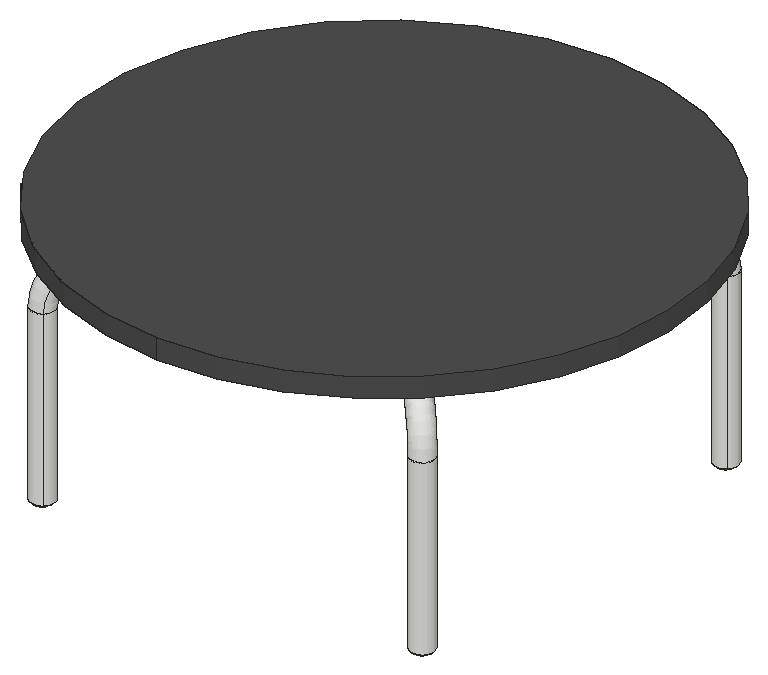
Revit family "Table-Teknion-CQTCC_Routes_Circular_Coffee_Table-R2018", category Furniture, Revit 2018
Family settings
  OmniClass Number = 23.40.20.00
  OmniClass Title = General Furniture and Specialties
  Work Plane-Based = No
  Always vertical = Yes
  Cut with Voids When Loaded = No
  Shared = Yes
  Room Calculation Point = No
Parameters (values of type "32" Diameter")
  Warranty = "http://www.teknion.com/ca/papers/legal-canada"
  Unit Weight URL = "http://www.teknion.com/ca/tools/assets#&asset=bee6a381-b954-425e-8283-5a2de3a804f2,f828d448-4b62-4231-9e5f-9a8991c0ed77"
  URL = "www.teknion.com"
  To render please download texture images found here [instance] = "https://assets.teknion.com/web/5e81352c1dfdb467/revit-material-swatches/"
  Sustainability Data = "https://www.teknion.com/ca/tools/assets#&topic=216f99a5-57a0-44fc-b10a-9dee9b29ae4c&asset=444deb64-fe58-4b68-981e-f75e97781df7,b4ff2d81-9f2e-437d-9659-7cffb09c31cf"
  Surface Finish [instance] = Foundation Laminate-Teknion-6K-Matte-Black
  Series = "Routes"  # constant formula
  Product Page URL = "https://www.teknion.com/ca/products/all-products"
  Product Line = "Routes"  # constant formula
  Product Documentation Link = "https://assets.teknion.com/m/72af4764f50e983c/original/Routes-Reference-Guide.pdf"
  Part Number = "CQTCC"  # constant formula
  Model = "CQTCC32"  # constant formula
  Manufacturer Phone = "416-661-3370"  # constant formula
  Manufacturer Fax = "416.661.4586"  # constant formula
  Manufacturer Contact Information = "http://www.teknion.com/ca/contactus"
  Manufacturer Address = "1150 Flint Road, Toronto, ON. M3J 2J5. Canada"  # constant formula
  Manufacturer = "Teknion"  # constant formula
  How To Use Teknion Materials User Guide [instance] = "https://assets.teknion.com/m/205dd0a49fa58060/original/How-to-add-a-Material-Library-and-Texture-Images-to-your-Revit-project.pdf"
  Frame Finish [instance] = Paint-Teknion-20-T-Foundation-Atrium White
  For Additional Finishes please visit [instance] = "https://assets.teknion.com/m/44a8009b046e5d47/original/Teknion_Materials_Library.zip"
  Description = "Routes Circular Coffee Table, 32\" Diameter"
  Assembly Code = "E2020200"
Reference planes (in)
  plane 1 "Center Front/Back": y = 0
  plane 2: z = 0
  plane 3 "Center Left/Right": x = 0
  plane 4 "Left": x = -15.75
  plane 5 "Right": x = 15.75
  plane 6 "Back": y = 15.75
  plane 7 "Front": y = -15.75
  plane 8 "Top": z = 14.06
  plane 9 "Angled Ref 1": through (-16, 16, 48) normal (0.7071, 0.7071, 0)
  plane 10 "Angled Ref 2": through (-16, -16, 48) normal (-0.7071, 0.7071, 0)
Forms (in)
  Sweep 1, solid, material "Foundation Laminate-Teknion-6K-Matte-Black" <- "Surface Finish"
    path origin (0, 0, 0) x (1, 0, 0) y (0, 0, 1)
      loop
        line (0, 14.06) -> (0, 13)
    profile origin (0, 0, 13.53) x (0, -1, 0) y (1, 0, 0)
      loop
        circle (0, 0) r 15.75
  Sweep 2, solid, material "Paint-Teknion-20-T-Foundation-Atrium White" <- "Frame Finish"
    path origin (0, 0, 0) x (-0.707107, 0.707107, 0) y (0, 0, 1)
      loop
        line (-14.22852, 0.125) -> (-14.22852, 9.62511)
        arc (-14.22852, 9.62511) -> (-13.67927, 10.95111) -> (-12.35326, 11.50036) r 1.87525
        line (-12.35326, 11.50036) -> (12.35326, 11.50036)
        arc (12.35326, 11.50036) -> (13.67927, 10.95111) -> (14.22852, 9.62511) r 1.87525
        line (14.22852, 9.62511) -> (14.22852, 0.125)
    profile origin (-10.06108, 10.06108, 4.87505) x (0.707107, 0.707107, 0) y (-0.707107, 0.707107, 0)
      loop
        circle (0, 0.625) r 0.625
  Sweep 3, solid, material "Paint-Teknion-20-T-Foundation-Atrium White" <- "Frame Finish"
    path origin (0, 0, 0) x (-0.707107, -0.707107, 0) y (0, 0, 1)
      loop
        line (-14.22852, 0.125) -> (-14.22852, 9.62511)
        arc (-14.22852, 9.62511) -> (-13.67927, 10.95111) -> (-12.35326, 11.50036) r 1.87525
        line (-12.35326, 11.50036) -> (12.35326, 11.50036)
        arc (12.35326, 11.50036) -> (13.67927, 10.95111) -> (14.22852, 9.62511) r 1.87525
        line (14.22852, 9.62511) -> (14.22852, 0.125)
    profile origin (-10.06108, -10.06108, 4.87505) x (-0.707107, 0.707107, 0) y (-0.707107, -0.707107, 0)
      loop
        circle (0, 0.625) r 0.625
  Sweep 4, void
    path origin (0, 0, 0) x (1, 0, 0) y (0, 0, 1)
      loop
        line (0, 13) -> (0, 11)
    profile origin (0, 0, 12) x (0, -1, 0) y (1, 0, 0)
      loop
        line (0, -3.53683) -> (3.53683, 0) -> (0, 3.53683) -> (-3.53683, 0) -> (0, -3.53683)
  Sweep 5, solid, material "Paint-Teknion-20-T-Foundation-Atrium White" <- "Frame Finish"
    path origin (0, 0, 0) x (1, 0, 0) y (0, 1, 0)
      loop
        spline (-2.21035, 1.32647) -> (-2.0077, 1.10539) -> (-1.84189, 0.88431) -> (-1.71293, 0.66324) -> (-1.62081, 0.44216) -> (-1.56554, 0.22108) -> (-1.54712, 0) -> (-1.56554, -0.22108) -> (-1.62081, -0.44216) -> (-1.71293, -0.66324) -> (-1.84189, -0.88431) -> (-2.0077, -1.10539) -> (-2.21035, -1.32647)
    profile origin (-1.54712, 0, 0) x (1, 0, 0) y (0, 0, 1)
      loop
        circle (0.625, 12.12536) r 0.625
  Sweep 6, solid, material "Paint-Teknion-20-T-Foundation-Atrium White" <- "Frame Finish"
    path origin (0, 0, 0) x (-1, 0, 0) y (0, 1, 0)
      loop
        spline (-2.21035, 1.32647) -> (-2.0077, 1.10539) -> (-1.84189, 0.88431) -> (-1.71293, 0.66324) -> (-1.62081, 0.44216) -> (-1.56554, 0.22108) -> (-1.54712, 0) -> (-1.56554, -0.22108) -> (-1.62081, -0.44216) -> (-1.71293, -0.66324) -> (-1.84189, -0.88431) -> (-2.0077, -1.10539) -> (-2.21035, -1.32647)
    profile origin (1.54712, 0, 0) x (1, 0, 0) y (0, 0, 1)
      loop
        circle (-0.625, 12.12536) r 0.625
  Sweep 7, solid, material "Paint-Teknion-20-T-Foundation-Atrium White" <- "Frame Finish"
    path origin (0, 0, 0) x (1, 0, 0) y (0, 0, 1)
      loop
        line (0, 13) -> (0, 12.25)
    profile origin (0, 0, 12.625) x (0, -1, 0) y (1, 0, 0)
      loop
        line (-8.21597, -7.50857) -> (-7.50886, -8.21568) -> (-5.71918, -6.42599) -> (-6.42628, -5.71888) -> (-8.21597, -7.50857)
      loop
        line (-3.76756, -3.06016) -> (-3.06046, -3.76727) -> (-1.88949, -2.5963) -> (-2.59659, -1.88919) -> (-3.76756, -3.06016)
      loop
        line (-8.21597, 7.50857) -> (-6.42628, 5.71888) -> (-5.71918, 6.42599) -> (-7.50886, 8.21568) -> (-8.21597, 7.50857)
      loop
        line (-3.76756, 3.06016) -> (-2.59659, 1.88919) -> (-1.88949, 2.5963) -> (-3.06046, 3.76727) -> (-3.76756, 3.06016)
      loop
        line (8.21597, -7.50857) -> (6.42628, -5.71888) -> (5.71918, -6.42599) -> (7.50886, -8.21568) -> (8.21597, -7.50857)
      loop
        line (3.76756, -3.06016) -> (2.59659, -1.88919) -> (1.88949, -2.5963) -> (3.06046, -3.76727) -> (3.76756, -3.06016)
      loop
        line (8.21597, 7.50857) -> (7.50886, 8.21568) -> (5.71918, 6.42599) -> (6.42628, 5.71888) -> (8.21597, 7.50857)
      loop
        line (3.76756, 3.06016) -> (3.06046, 3.76727) -> (1.88949, 2.5963) -> (2.59659, 1.88919) -> (3.76756, 3.06016)
  Sweep 8, solid, material "Plastic - Teknion - E - Ebony"
    path origin (0, 0, 0) x (1, 0, 0) y (0, 0, 1)
      loop
        line (0, 0) -> (0, 0.125)
    profile origin (0, 0, 0.0625) x (-1, 0, 0) y (0, -1, 0)
      loop
        circle (10.50302, -10.50302) r 0.5
      loop
        circle (10.50302, -10.50302) r 0.35967
      loop
        circle (-10.50302, -10.50302) r 0.5
      loop
        circle (10.50302, 10.50302) r 0.5
      loop
        circle (-10.50302, 10.50302) r 0.5
      loop
        circle (-10.50302, -10.50302) r 0.35967
      loop
        circle (10.50302, 10.50302) r 0.35967
      loop
        circle (-10.50302, 10.50302) r 0.35967
Cuts and joins
  Sweep 4 cuts Sweep 2
  joined: Sweep 2, Sweep 7
  Sweep 4 cuts Sweep 3
Lines and regions (in)
  Masking region 1
    outline origin (0, 0, 0) x (1, 0, 0) y (0, 1, 0)
      loop
        circle (0, 0) r 15.75
  symbolic lines, style "FurnitureHiddenLines", detail levels fine
    curve 1: arc (-10.94496, 10.06108, 0) -> (-10.06108, 10.06108, 0) -> (-10.06108, 10.94496, 0) r 0.625
    curve 3: arc (10.94496, 10.06108, 0) -> (10.06108, 10.06108, 0) -> (10.06108, 10.94496, 0) r 0.625
    curve 5: arc (10.00302, 10.50302, 0) -> (10.50302, 11.00302, 0) -> (11.00302, 10.50302, 0) r 0.5
    curve 6: arc (11.00302, 10.50302, 0) -> (10.50302, 10.00302, 0) -> (10.00302, 10.50302, 0) r 0.5
    curve 8: arc (-10.06108, -10.94496, 0) -> (-10.06108, -10.06108, 0) -> (-10.94496, -10.06108, 0) r 0.625
    curve 9: arc (-11.00302, -10.50302, 0) -> (-10.50302, -10.00302, 0) -> (-10.00302, -10.50302, 0) r 0.5
    curve 10: arc (-10.00302, -10.50302, 0) -> (-10.50302, -11.00302, 0) -> (-11.00302, -10.50302, 0) r 0.5
    curve 11: arc (10.06108, -10.94496, 0) -> (10.06108, -10.06108, 0) -> (10.94496, -10.06108, 0) r 0.625
    curve 13: arc (10.00302, -10.50302, 0) -> (10.50302, -10.00302, 0) -> (11.00302, -10.50302, 0) r 0.5
    curve 14: arc (11.00302, -10.50302, 0) -> (10.50302, -11.00302, 0) -> (10.00302, -10.50302, 0) r 0.5
    curve 27: line (-7.50857, 8.21597, 0) -> (-8.21568, 7.50886, 0)
    curve 28: line (-8.21568, 7.50886, 0) -> (-6.42599, 5.71918, 0)
    curve 29: line (-6.42599, 5.71918, 0) -> (-5.71888, 6.42628, 0)
    curve 30: line (-5.71888, 6.42628, 0) -> (-7.50857, 8.21597, 0)
    curve 31: line (-3.06016, 3.76756, 0) -> (-3.76727, 3.06046, 0)
    curve 32: line (-1.88919, 2.59659, 0) -> (-3.06016, 3.76756, 0)
    curve 33: line (-3.76727, 3.06046, 0) -> (-2.5963, 1.88949, 0)
    curve 34: line (-2.5963, 1.88949, 0) -> (-1.88919, 2.59659, 0)
    curve 35: line (1.88919, 2.59659, 0) -> (2.5963, 1.88949, 0)
    curve 36: line (3.06016, 3.76756, 0) -> (1.88919, 2.59659, 0)
    curve 37: line (3.76727, 3.06046, 0) -> (3.06016, 3.76756, 0)
    curve 38: line (2.5963, 1.88949, 0) -> (3.76727, 3.06046, 0)
    curve 39: line (7.50857, 8.21597, 0) -> (5.71888, 6.42628, 0)
    curve 40: line (8.21568, 7.50886, 0) -> (7.50857, 8.21597, 0)
    curve 41: line (6.42599, 5.71918, 0) -> (8.21568, 7.50886, 0)
    curve 42: line (5.71888, 6.42628, 0) -> (6.42599, 5.71918, 0)
    curve 43: line (3.06016, -3.76756, 0) -> (3.76727, -3.06046, 0)
    curve 44: line (2.5963, -1.88949, 0) -> (1.88919, -2.59659, 0)
    curve 45: line (1.88919, -2.59659, 0) -> (3.06016, -3.76756, 0)
    curve 46: line (3.76727, -3.06046, 0) -> (2.5963, -1.88949, 0)
    curve 47: line (6.42599, -5.71918, 0) -> (5.71888, -6.42628, 0)
    curve 48: line (5.71888, -6.42628, 0) -> (7.50857, -8.21597, 0)
    curve 49: line (8.21568, -7.50886, 0) -> (6.42599, -5.71918, 0)
    curve 50: line (7.50857, -8.21597, 0) -> (8.21568, -7.50886, 0)
    curve 51: line (-3.76727, -3.06046, 0) -> (-3.06016, -3.76756, 0)
    curve 52: line (-2.5963, -1.88949, 0) -> (-3.76727, -3.06046, 0)
    curve 53: line (-1.88919, -2.59659, 0) -> (-2.5963, -1.88949, 0)
    curve 54: line (-3.06016, -3.76756, 0) -> (-1.88919, -2.59659, 0)
    curve 55: line (-7.50857, -8.21597, 0) -> (-5.71888, -6.42628, 0)
    curve 56: line (-5.71888, -6.42628, 0) -> (-6.42599, -5.71918, 0)
    curve 57: line (-6.42599, -5.71918, 0) -> (-8.21568, -7.50886, 0)
    curve 58: line (-8.21568, -7.50886, 0) -> (-7.50857, -8.21597, 0)
    curve 59: arc (-10.14336, -10.50302, 0) -> (-10.50302, -10.14336, 0) -> (-10.86269, -10.50302, 0) r 0.35967
    curve 60: arc (-10.86269, -10.50302, 0) -> (-10.50302, -10.86269, 0) -> (-10.14336, -10.50302, 0) r 0.35967
    curve 61: arc (-10.14336, 10.50302, 0) -> (-10.50302, 10.86269, 0) -> (-10.86269, 10.50302, 0) r 0.35967
    curve 62: arc (-10.86269, 10.50302, 0) -> (-10.50302, 10.14336, 0) -> (-10.14336, 10.50302, 0) r 0.35967
    curve 63: arc (10.86269, 10.50302, 0) -> (10.50302, 10.86269, 0) -> (10.14336, 10.50302, 0) r 0.35967
    curve 64: arc (10.14336, 10.50302, 0) -> (10.50302, 10.14336, 0) -> (10.86269, 10.50302, 0) r 0.35967
    curve 65: arc (10.86269, -10.50302, 0) -> (10.50302, -10.14336, 0) -> (10.14336, -10.50302, 0) r 0.35967
    curve 66: arc (10.14336, -10.50302, 0) -> (10.50302, -10.86269, 0) -> (10.86269, -10.50302, 0) r 0.35967
  symbolic lines, style "FurnitureHiddenLines", detail levels medium+fine
    curve 2: arc (-10.06108, 10.94496, 0) -> (-10.94496, 10.94496, 0) -> (-10.94496, 10.06108, 0) r 0.625
    curve 4: arc (10.06108, 10.94496, 0) -> (10.94496, 10.94496, 0) -> (10.94496, 10.06108, 0) r 0.625
    curve 7: arc (-10.94496, -10.06108, 0) -> (-10.94496, -10.94496, 0) -> (-10.06108, -10.94496, 0) r 0.625
    curve 12: arc (10.94496, -10.06108, 0) -> (10.94496, -10.94496, 0) -> (10.06108, -10.94496, 0) r 0.625
    curve 15: line (-1.32648, 2.21035, 0) -> (-10.06108, 10.94496, 0)
    curve 16: line (-10.94496, 10.06108, 0) -> (-2.21035, 1.32647, 0)
    curve 17: line (-1.32648, -2.21035, 0) -> (-10.06108, -10.94496, 0)
    curve 18: line (-10.94496, -10.06108, 0) -> (-2.21035, -1.32647, 0)
    curve 19: line (-2.21035, 1.32647, 0) -> (-2.21035, -1.32647, 0)
    curve 20: line (-1.32648, 2.21035, 0) -> (-1.32648, -2.21035, 0)
    curve 21: line (1.32648, 2.21035, 0) -> (10.06108, 10.94496, 0)
    curve 22: line (10.94496, 10.06108, 0) -> (2.21035, 1.32647, 0)
    curve 23: line (1.32648, -2.21035, 0) -> (10.06108, -10.94496, 0)
    curve 24: line (10.94496, -10.06108, 0) -> (2.21035, -1.32647, 0)
    curve 25: line (2.21035, 1.32647, 0) -> (2.21035, -1.32647, 0)
    curve 26: line (1.32648, 2.21035, 0) -> (1.32648, -2.21035, 0)
Dimensions and locks (in)
  locked: plane 4 "Left" to plane 5 "Right" at 31.5
  locked: plane 6 "Back" to plane 7 "Front" at 31.5
  locked: plane 8 "Top" to level at 14.06
  equal spacing: plane 6 "Back", plane 1 "Center Front/Back", plane 7 "Front"
  equal spacing: plane 4 "Left", plane 3 "Center Left/Right", plane 5 "Right"
  plane 8 "Top" to Sweep 7 sketch curve to Sweep 7 sketch curve = 1.060" locked, 0.750" locked
  aligned and locked: level to plane 2
  aligned and locked: Sweep 7 sketch curve to plane 3 "Center Left/Right"
Automatic sketch dimensions
  Sweep 1 sketch curve to plane 3 "Center Left/Right" = 0.000"
  Sweep 1 sketch curve to plane 8 "Top" = 0.000"
  Sweep 1 sketch curve to Sweep 1 sketch curve = 1.060"
  plane 1 "Center Front/Back" to Sweep 1 sketch curve = 0.000"
  Sweep 1 sketch curve to profile plane = 0.000"
  Sweep 2 sketch curve to plane 8 "Top" = 4.43489"  (x2)
  Sweep 2 sketch curve to plane 10 "Angled Ref 2" = 14.22852"
  Sweep 2 sketch curve to Sweep 2 sketch curve = 1.87525"
  plane 10 "Angled Ref 2" to Sweep 2 sketch curve = 12.35326"
  level to Sweep 2 sketch curve = 0.125"  (x2)
  Sweep 2 sketch curve to plane 9 "Angled Ref 1" = 0.000"
  Sweep 2 sketch curve to profile plane = 0.625"
  Sweep 3 sketch curve to plane 8 "Top" = 4.43489"  (x2)
  plane 9 "Angled Ref 1" to Sweep 3 sketch curve = 14.22852"
  Sweep 3 sketch curve to Sweep 3 sketch curve = 1.87525"
  Sweep 3 sketch curve to plane 9 "Angled Ref 1" = 12.35326"
  level to Sweep 3 sketch curve = 0.125"  (x2)
  Sweep 3 sketch curve to plane 10 "Angled Ref 2" = 0.000"
  Sweep 3 sketch curve to profile plane = 0.625"
  Sweep 4 sketch curve to plane 3 "Center Left/Right" = 0.000"
  Sweep 4 sketch curve to plane 8 "Top" = 3.060"
  Sweep 4 sketch curve to plane 8 "Top" = 1.060"
  Sweep 4 sketch curve to profile plane = 0.000"  (x2)
  plane 1 "Center Front/Back" to Sweep 4 sketch curve = 0.000"  (x2)
  Sweep 4 sketch curve to plane 1 "Center Front/Back" = 3.53683"
  Sweep 5 sketch curve to plane 3 "Center Left/Right" = 2.21035"
  plane 1 "Center Front/Back" to Sweep 5 sketch curve = 1.32647"
  Sweep 5 sketch curve to plane 1 "Center Front/Back" = 1.32647"
  Sweep 5 sketch curve to profile plane = 0.625"
  level to Sweep 5 sketch curve = 12.12536"
  Sweep 6 sketch curve to plane 3 "Center Left/Right" = 2.21035"
  Sweep 6 sketch curve to plane 1 "Center Front/Back" = 1.32647"
  plane 1 "Center Front/Back" to Sweep 6 sketch curve = 1.32647"
  profile plane to Sweep 6 sketch curve = 0.625"
  level to Sweep 6 sketch curve = 12.12536"
  Sweep 7 sketch curve to plane 1 "Center Front/Back" = 8.21597"  (x2)
  Sweep 7 sketch curve to Sweep 7 sketch curve = 0.70711"  (x16)
  Sweep 7 sketch curve to Sweep 7 sketch curve = 1.78969"  (x4)
  Sweep 7 sketch curve to Sweep 7 sketch curve = 2.65872"  (x8)
  Sweep 7 sketch curve to Sweep 7 sketch curve = 1.17097"  (x4)
  plane 1 "Center Front/Back" to Sweep 7 sketch curve = 1.88949"  (x2)
  profile plane to Sweep 7 sketch curve = 8.21568"  (x2)
  Sweep 7 sketch curve to profile plane = 1.88919"  (x2)
  Sweep 8 sketch curve to plane 3 "Center Left/Right" = 0.000"
  Sweep 8 sketch curve to level = 0.000"
  Sweep 8 sketch curve to Sweep 8 sketch curve = 0.125"
  Sweep 8 sketch curve to Sweep 8 sketch curve = 0.000"  (x8)
  profile plane to Sweep 8 sketch curve = 10.50302"  (x2)
  Sweep 8 sketch curve to profile plane = 10.50302"  (x2)
  Sweep 8 sketch curve to plane 1 "Center Front/Back" = 10.50302"  (x2)
  plane 1 "Center Front/Back" to Sweep 8 sketch curve = 10.50302"  (x2)
  Masking region 1 sketch curve to plane 3 "Center Left/Right" = 0.000"
  plane 7 "Front" to Masking region 1 sketch curve = 0.000"
  plane 1 "Center Front/Back" to Masking region 1 sketch curve = 0.000"
  curve 1 to curve 2 = 0.000"
  curve 3 to curve 4 = 0.000"
  curve 3 to curve 5 = 0.000"  (x2)
  curve 7 to curve 8 = 0.000"
  curve 7 to curve 9 = 0.000"
  curve 8 to curve 10 = 0.000"
  curve 11 to curve 12 = 0.000"
  curve 11 to curve 13 = 0.000"
  curve 12 to curve 13 = 0.000"
  curve 10 to plane 10 "Angled Ref 2" = 0.000"
  curve 2 to plane 9 "Angled Ref 1" = 0.000"
  curve 14 to plane 9 "Angled Ref 1" = 0.000"
  curve 5 to plane 10 "Angled Ref 2" = 0.000"
  plane 4 "Left" to curve 16 = 4.80504"
  plane 4 "Left" to curve 18 = 4.80504"
  curve 7 to curve 10 = 0.44194"
  curve 2 to curve 2 = 0.44194"
  curve 1 to curve 15 = 0.44194"
  curve 7 to curve 17 = 0.44194"
  curve 19 to plane 1 "Center Front/Back" = 1.32647"
  curve 19 to plane 3 "Center Left/Right" = 2.21035"
  plane 3 "Center Left/Right" to curve 26 = 1.32648"
  curve 26 to curve 25 = 0.88387"  (x2)
  plane 5 "Right" to curve 21 = 5.68892"
  plane 5 "Right" to curve 14 = 5.24698"
  curve 3 to curve 5 = 0.44194"
  curve 3 to curve 22 = 0.44194"
  curve 11 to curve 24 = 0.44194"
  curve 17 to curve 9 = 0.44194"
  curve 14 to curve 24 = 0.44194"
  plane 1 "Center Front/Back" to curve 23 = 2.21035"
  plane 1 "Center Front/Back" to curve 20 = 2.21035"
  curve 17 to curve 18 = 0.88387"
  curve 25 to plane 1 "Center Front/Back" = 1.32647"
  curve 25 to curve 26 = 0.88387"
  curve 22 to curve 5 = 0.44194"
  curve 9 to curve 7 = 0.05806"
  curve 14 to curve 11 = 0.500"
  curve 6 to curve 21 = 0.05806"
  curve 23 to plane 7 "Front" = 4.80504"
  curve 23 to curve 11 = 0.000"
  curve 1 to curve 28 = 2.72929"
  curve 28 to curve 1 = 2.55222"
  curve 27 to curve 28 = 1.78969"
  curve 28 to curve 27 = 1.78969"
  curve 28 to curve 29 = 0.70711"
  curve 31 to curve 31 = 0.70711"
  curve 21 to curve 35 = 0.56271"
  curve 21 to curve 35 = 0.38625"
  curve 35 to plane 1 "Center Front/Back" = 1.88949"
  curve 22 to curve 35 = 0.38595"
  curve 35 to curve 36 = 1.17097"
  curve 40 to curve 5 = 2.49445"
  curve 39 to curve 5 = 2.28705"
  curve 39 to curve 39 = 1.78969"  (x2)
  curve 39 to curve 40 = 0.70711"
  curve 23 to curve 44 = 0.56271"
  curve 44 to curve 43 = 1.17097"
  curve 43 to curve 23 = 1.55722"
  curve 44 to curve 23 = 0.38625"
  plane 1 "Center Front/Back" to curve 44 = 1.88949"
  curve 43 to curve 47 = 2.65872"
  curve 48 to curve 43 = 2.65872"
  curve 48 to curve 47 = 0.70711"
  curve 47 to curve 48 = 1.78969"
  curve 48 to curve 47 = 1.78969"
  curve 51 to curve 18 = 1.55691"
  curve 51 to curve 18 = 1.73398"
  curve 52 to curve 51 = 0.70711"
  curve 52 to curve 18 = 0.38595"
  curve 51 to curve 52 = 0.70711"
  curve 53 to curve 17 = 0.56271"
  curve 56 to curve 51 = 2.65872"
  curve 55 to curve 51 = 2.65872"
  curve 55 to curve 55 = 1.78969"
  plane 1 "Center Front/Back" to curve 56 = 5.71918"
  curve 56 to curve 56 = 0.70711"
  curve 7 to curve 59 = 0.000"  (x2)
  curve 9 to curve 59 = 0.14033"
  curve 1 to curve 61 = 0.000"  (x2)
  curve 61 to curve 61 = 0.35967"
  curve 64 to plane 10 "Angled Ref 2" = 0.000"
  curve 3 to curve 64 = 0.000"
  curve 5 to curve 63 = 0.14033"
  curve 11 to curve 65 = 0.000"  (x2)
  curve 13 to curve 65 = 0.14033"
  curve 33 to curve 16 = 1.55691"
  curve 34 to curve 16 = 0.38595"
  curve 16 to curve 33 = 0.56302"
  curve 16 to curve 20 = 0.88387"
  curve 15 to curve 34 = 0.38625"
  curve 31 to curve 28 = 2.65872"
  radius of Sweep 1 sketch curve = 15.750"
  radius of Sweep 2 sketch curve = 0.625"
  radius of Sweep 3 sketch curve = 0.625"
  radius of Sweep 5 sketch curve = 0.625"
  radius of Sweep 6 sketch curve = 0.625"
  radius of Sweep 8 sketch curve = 0.500"  (x4)
  radius of Sweep 8 sketch curve = 0.35967"  (x4)
